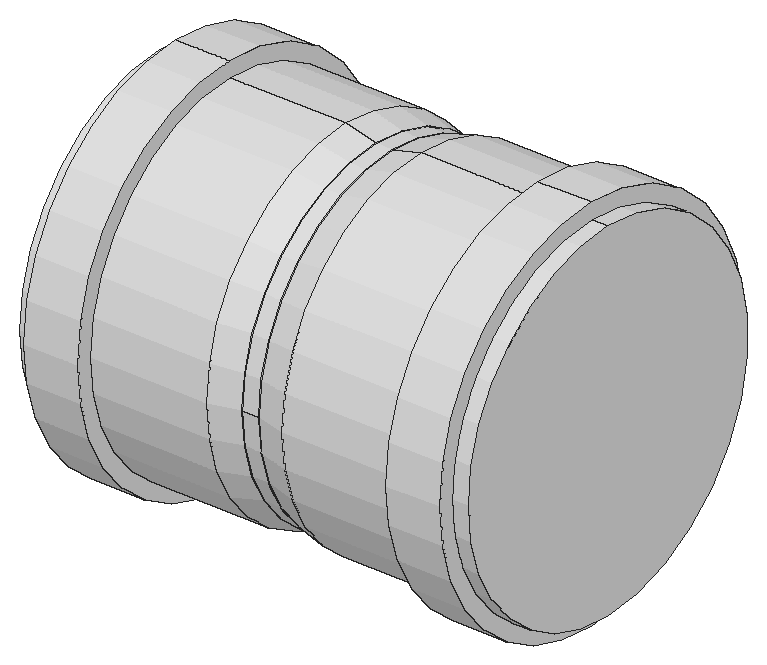
Revit family "Redi_Фитинг_ПВХ_Соединение", category Соединительные детали трубопроводов, Revit 2019
Family settings
  Размер круглого соединителя = Использовать диаметр
  Тип детали = Соединение
  Номер OmniClass = 23.60.30.11.14
  Заголовок OmniClass = Pipework Fittings
  На основе рабочей плоскости = Нет
  Всегда вертикально = Да
  При загрузке вырезать с полостями = Нет
  Общий = Нет
Parameters (values of type "Redi")
  Типовой = no
  Раструб Подводящий [instance] = no
  Поиск в таблице имен 2 = "Redi_Фитинг_ПВХ_Соединение"
  Поиск в таблице имен = "Redi_Фитинг_ПВХ_Соединение"
  Таблица коэффициентов K = "Converging/Diverging Tee/Wye"
  Размер засечки1 [instance] = 44 mm
  Размер засечки 2 [instance] = 44 mm
  Наименование [instance] = size_lookup(Поиск в таблице имен, "ADSK_Наименование", "Решение не найдено", ADSK_Диаметр условный, Диаметр условный 1)  # "Соединительная муфта с центральным упором DN100"
  Метод определения потерь = Табличный коэффициент K
  Материал = 05 Пластик ПВХ Белый
  Assembly Code = ""
  Manufacturer = ""
  L2 [instance] = size_lookup(Поиск в таблице имен, "L2", ADSK_Диаметр условный, ADSK_Диаметр условный, Диаметр условный 1)  # 55.5 mm
  L1 [instance] = size_lookup(Поиск в таблице имен, "L1", ADSK_Диаметр условный, ADSK_Диаметр условный, Диаметр условный 1)  # 55.5 mm
  URL = ""
  Z [instance] = size_lookup(Поиск в таблице имен, "Z", ADSK_Диаметр условный, ADSK_Диаметр условный, Диаметр условный 1)  # 5 mm
  Диаметр условный 1 [instance] = ADSK_Диаметр условный  # 100 mm
  ADSK_Наименование краткое = "Соединение"  # constant formula
  ADSK_Наименование [instance] = size_lookup(Поиск в таблице имен, "ADSK_Наименование", "Решение не найдено", ADSK_Диаметр условный, Диаметр условный 1)  # "Соединительная муфта с центральным упором DN100"
  ADSK_Масса_Текст [instance] = ""
  ADSK_Масса [instance] = size_lookup(Поиск в таблице имен, "Mass", 0, ADSK_Диаметр условный, Диаметр условный 1)  # 0
  ADSK_Марка = ""
  ADSK_Код изделия [instance] = size_lookup(Поиск в таблице имен 2, "ADSK_Код изделия", "Решение не найдено", ADSK_Диаметр условный, Диаметр условный 1)  # "0611055"
  ADSK_Завод-изготовитель = "Redi"  # constant formula
  ADSK_Единица измерения = "шт."  # constant formula
  ADSK_Диаметр условный [instance] = 100 mm
Reference planes
  plane 1 "По центру (Вперед/Назад)": y = 0
  plane 2: z = 0
  plane 3 "По центру (Влево/Вправо)": x = 0
  plane 4: x = -50
  plane 5: x = 66
  plane 6: x = 10.5
  plane 7: x = 5.5
  plane 8: z = 0
  plane 9: z = 0
Forms (mm)
  Sweep 1, solid, material "05 Пластик ПВХ Белый" <- "Материал", not visible, detail levels fine
    path in 3D
      loop
        line (-50, 0, 0) -> (5.5, 0, 0)
    profile origin (-22.25, 0, 0) x (0, 0, 1) y (0, -1, 0)
      loop
        circle (0, 0) r 50
  Sweep 2, solid, material "05 Пластик ПВХ Белый" <- "Материал", not visible, detail levels fine
    path in 3D
      loop
        line (10.5, 0, 0) -> (66, 0, 0)
    profile origin (38.25, 0, 0) x (0, 0, 1) y (0, -1, 0)
      loop
        circle (0, 0) r 50
  SweptBlend 3, solid, material "05 Пластик ПВХ Белый" <- "Материал", detail levels fine
    path in 3D
      loop
        line (5.5, 0, 0) -> (10.5, 0, 0)
    profile origin (5.5, 0, 0) x (0, 1, 0) y (0, 0, 1)
      loop
        circle (0, 0) r 50
    end profile origin (10.5, 0, 0) x (0, 1, 0) y (0, 0, 1)
      loop
        circle (0, 0) r 50
Lines and regions (mm)
  reference lines
    curve 1: line (10.5, 0, 0) -> (66, 0, 0)
    curve 2: line (-50, 0, 0) -> (5.5, 0, 0)
    curve 5: line (5.5, 0, 0) -> (10.5, 0, 0)
  sketch lines
    curve 3: line (-50, 0, 0) -> (5.5, 0, 0)
    curve 4: line (10.5, 0, 0) -> (66, 0, 0)
    curve 6: line (5.5, 0, 0) -> (10.5, 0, 0)
Dimensions and locks
  plane 8 to level = 0 mm
  level to SweptBlend 3 sketch curve = 0 mm
  level to plane 9 = 0 mm
  "Z": plane 7 to plane 6
  "L2": plane 6 to plane 5
  "L1": plane 4 to plane 7
  "ADSK_Диаметр условный": diameter of Sweep 1 sketch curve
  "ADSK_Диаметр условный": diameter of SweptBlend 3 sketch curve
  "Диаметр условный 1": diameter of SweptBlend 3 sketch curve
  "Диаметр условный 1": diameter of Sweep 2 sketch curve
  aligned and locked: level to plane 2
  aligned and locked: plane 9 to curve 1
  aligned and locked: plane 4 to curve 2
  aligned and locked: curve 2 to plane 2
  aligned and locked: plane 7 to curve 5
  aligned and locked: plane 6 to curve 5
  aligned and locked: plane 1 "По центру (Вперед/Назад)" to curve 5
  aligned and locked: plane 6 to nested 1
  aligned and locked: nested 2 to plane 7
Automatic sketch dimensions
  curve 2 to plane 7 = 0 mm
  curve 1 to plane 6 = 0 mm
  curve 1 to plane 5 = 0 mm
  profile plane to Sweep 1 sketch curve = 0 mm
  Sweep 1 sketch curve to profile plane = 0 mm
  profile plane to Sweep 2 sketch curve = 0 mm
  Sweep 2 sketch curve to profile plane = 0 mm
  SweptBlend 3 sketch curve to profile plane = 0 mm  (x3)
Nested families
  nested 1: "Фитинг_ПП_Раструб(Влож)" at (10.5, 0, 0), ADSK_Диаметр условный <- "Диаметр условный 1", type "Фитинг_ПП_Раструб(Влож)", detail levels fine
    with Толщина Стенки 2 1.4 mm, Толщина Стенки 1 2.3 mm, Длина 64.75 mm, Диаметр Наружный Трубного Кольца 113.8 mm, Диаметр Наружный 104.6 mm, Видимость yes, C 21 mm, B 5 mm, ADSK_Диаметр условный 100 mm, A 35 mm
  nested 2: "Фитинг_ПП_Раструб(Влож)" at (5.5, 0, 0) x (-1, 0, 0) z (0, 0, 1), ADSK_Диаметр условный <- "ADSK_Диаметр условный", type "Фитинг_ПП_Раструб(Влож)", detail levels fine
    with Толщина Стенки 2 1.4 mm, Толщина Стенки 1 2.3 mm, Длина 64.75 mm, Диаметр Наружный Трубного Кольца 113.8 mm, Диаметр Наружный 104.6 mm, Видимость yes, C 21 mm, B 5 mm, ADSK_Диаметр условный 100 mm, A 35 mm
Connectors
  piping at (5.5, 0, 0), diameter 100, driven by "ADSK_Диаметр условный"
    settings: on Sweep 1, index 3, connector inside diameter 609.6 mm, connector length 0 mm, flow factor 0, pipe flow 0.0 L/s, pressure drop 0.0 Pa, fitting loss kfactor 0, connector angle 0.00°, fixture units 0, engagement length 0 mm, angle of deflection 0.00°, flow configuration 0, flow direction 0, fitting loss method 0, system type 28, joint type 0, gender type 0, connector reference index 4, connector utility 0, adjustable connector no, is connector primary yes, connector description ""
  piping at (10.5, 0, 0), diameter 100, driven by "Диаметр условный 1"
    settings: on Sweep 2, index 4, connector inside diameter 609.6 mm, connector length 0 mm, flow factor 0, pipe flow 0.0 L/s, pressure drop 0.0 Pa, fitting loss kfactor 0, connector angle 0.00°, fixture units 0, engagement length 0 mm, angle of deflection 0.00°, flow configuration 0, flow direction 0, fitting loss method 0, system type 28, joint type 0, gender type 0, connector reference index 3, connector utility 0, adjustable connector no, is connector primary no, connector description ""
Definition of nested family "Фитинг_ПП_Раструб(Влож)"
  Parameters (values of type "CISP_Фитинг_ПП_Раструб")
    Толщина Стенки 2 [instance] = size_lookup(Поиск в таблице имен, "e3", 1 mm, ADSK_Диаметр условный)  # 1.5 mm
    Толщина Стенки 1 [instance] = size_lookup(Поиск в таблице имен, "e2", 1 mm, ADSK_Диаметр условный)  # 2.4 mm
    Поиск в таблице имен = "CISP_Фитинг_ПП_Раструб"
    Материал = none
    Длина [instance] = A + C + A / 4  # 67 mm
    Диаметр Наружный Трубного Кольца [instance] = ADSK_Диаметр условный + 2 * Толщина Стенки 1 + 4 * Толщина Стенки 1  # 124.4 mm
    Диаметр Наружный [instance] = ADSK_Диаметр условный + 2 * Толщина Стенки 1  # 114.8 mm
    Видимость [instance] = yes
    C [instance] = size_lookup(Поиск в таблице имен, "C", 1 mm, ADSK_Диаметр условный)  # 22 mm
    B [instance] = size_lookup(Поиск в таблице имен, "B", 1 mm, ADSK_Диаметр условный)  # 6 mm
    ADSK_Диаметр условный [instance] = 110 mm
    A [instance] = size_lookup(Поиск в таблице имен, "A", 1 mm, ADSK_Диаметр условный)  # 36 mm
  Reference planes
    plane 1 "По центру (Вперед/Назад)": y = 0
    plane 2: z = 0
    plane 3 "По центру (Влево/Вправо)": x = 0
    plane 4: x = 67
    plane 5: z = 57.4
    plane 6: z = -57.4
    plane 7: x = 45
    plane 8: x = 61
    plane 9: x = 9
    plane 10: z = 62.2
    plane 11: z = -62.2
    plane 12: z = 55
    plane 13: z = -55
  Forms (mm)
    Sweep 1, solid, material <- "Материал", visible <- "Видимость"
      path origin (0, 0, 0) x (1, 0, 0) y (0, 0, 1)
        loop
          line (9, 0) -> (67, 0)
      profile origin (38, 0, 0) x (0, 0, 1) y (0, -1, 0)
        loop
          circle (0, 0) r 57.4
    SweptBlend 2, solid, material <- "Материал", visible <- "Видимость"
      path origin (0, 0, 0) x (1, 0, 0) y (0, 0, 1)
        loop
          line (0, 0) -> (9, 0)
      profile origin (0, 0, 0) x (0, 0, 1) y (0, -1, 0)
        loop
          circle (0, 0) r 55
      end profile origin (9, 0, 0) x (0, 0, 1) y (0, -1, 0)
        loop
          circle (0, 0) r 57.4
    Sweep 3, solid, material <- "Материал", visible <- "Видимость"
      path origin (0, 0, 0) x (1, 0, 0) y (0, 0, 1)
        loop
          line (45, 0) -> (61, 0)
      profile origin (53, 0, 0) x (0, 0, 1) y (0, -1, 0)
        loop
          circle (0, 0) r 62.2
  Cuts and joins
    joined: Sweep 1, SweptBlend 2, Sweep 3
  Dimensions and locks
    "Длина": plane 4 to plane 3 "По центру (Влево/Вправо)"
    equal spacing: plane 5, level, plane 6
    "Диаметр Наружный": plane 5 to plane 6
    "C": plane 4 to plane 7
    "A": plane 7 to plane 9
    "B": plane 4 to plane 8
    equal spacing: plane 12, level, plane 13
    "ADSK_Диаметр условный": plane 12 to plane 13
    equal spacing: plane 10, level, plane 11
    "Диаметр Наружный Трубного Кольца": plane 10 to plane 11
    "Диаметр Наружный": diameter of Sweep 1 sketch curve
    "ADSK_Диаметр условный": diameter of SweptBlend 2 sketch curve
    "Диаметр Наружный": diameter of SweptBlend 2 sketch curve
    "Диаметр Наружный Трубного Кольца": diameter of Sweep 3 sketch curve
    aligned and locked: level to plane 2
    aligned and locked: plane 9 to Sweep 1 sketch curve
    aligned and locked: Sweep 1 sketch curve to plane 2
    aligned and locked: plane 4 to Sweep 1 sketch curve
    aligned and locked: plane 3 "По центру (Влево/Вправо)" to SweptBlend 2 sketch curve
    aligned and locked: plane 9 to SweptBlend 2 sketch curve
    aligned and locked: SweptBlend 2 sketch curve to level
    aligned and locked: plane 7 to Sweep 3 sketch curve
    aligned and locked: plane 8 to Sweep 3 sketch curve
    aligned and locked: Sweep 3 sketch curve to plane 2
  Automatic sketch dimensions
    Sweep 1 sketch curve to plane 1 "По центру (Вперед/Назад)" = 0 mm
    profile plane to Sweep 1 sketch curve = 0 mm
    SweptBlend 2 sketch curve to plane 1 "По центру (Вперед/Назад)" = 0 mm  (x2)
    profile plane to SweptBlend 2 sketch curve = 0 mm  (x2)
    Sweep 3 sketch curve to plane 1 "По центру (Вперед/Назад)" = 0 mm
    profile plane to Sweep 3 sketch curve = 0 mm
